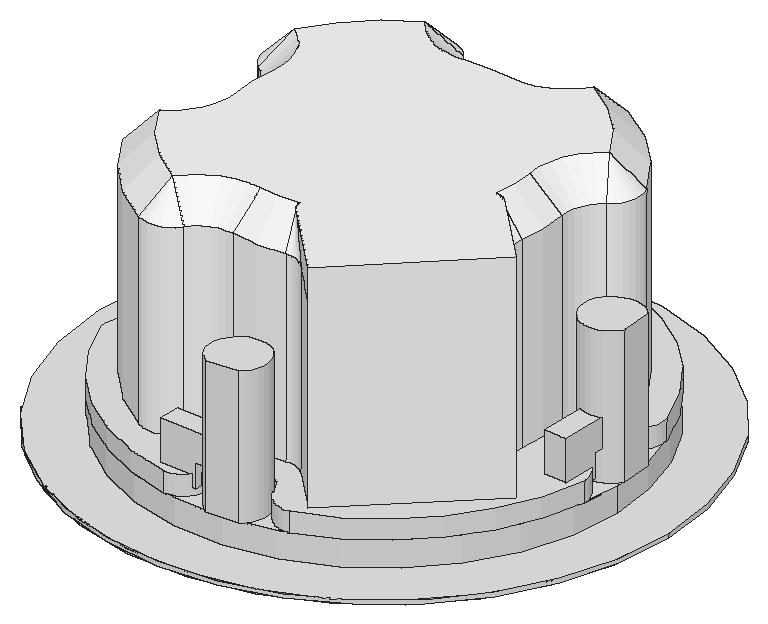
Revit family "CVS4 Micro", category Communication Devices, Revit 2020 (continued)
Definition of nested family "CVS4 Micro - base2"
  Definition of nested family "CVS4 Micro - base1 - Black"
    Automatic sketch dimensions
      plane 1 "Center (Front/Back)" to Extrusion 8 sketch curve = 34.209 mm
      Extrusion 8 sketch curve to Extrusion 8 sketch curve = 14.685 mm
      Extrusion 8 sketch curve to Extrusion 8 sketch curve = 3.147 mm
      Extrusion 8 sketch curve to Extrusion 8 sketch curve = 6.281 mm
      Extrusion 8 sketch curve to Extrusion 8 sketch curve = 5.349 mm
      Extrusion 8 sketch curve to Extrusion 8 sketch curve = 14.848 mm
      Extrusion 8 sketch curve to Extrusion 8 sketch curve = 21.417 mm
      plane 1 "Center (Front/Back)" to Extrusion 8 sketch curve = 11.519 mm
      plane 1 "Center (Front/Back)" to Extrusion 8 sketch curve = 0.388 mm
      plane 1 "Center (Front/Back)" to Extrusion 8 sketch curve = 0.105 mm
      Extrusion 8 sketch curve to plane 1 "Center (Front/Back)" = 0 mm
      Extrusion 8 sketch curve to plane 1 "Center (Front/Back)" = 0.188 mm
      Extrusion 8 sketch curve to plane 1 "Center (Front/Back)" = 11.301 mm
      Extrusion 8 sketch curve to Extrusion 8 sketch curve = 26.203 mm
      Extrusion 8 sketch curve to Extrusion 8 sketch curve = 20.579 mm
      Extrusion 8 sketch curve to Extrusion 8 sketch curve = 20.563 mm
      Extrusion 8 sketch curve to Extrusion 8 sketch curve = 27.06 mm
      Extrusion 8 sketch curve to Extrusion 8 sketch curve = 27.662 mm
      Extrusion 8 sketch curve to Extrusion 8 sketch curve = 14.234 mm
      Extrusion 8 sketch curve to Extrusion 8 sketch curve = 0.125 mm
      Extrusion 8 sketch curve to Extrusion 8 sketch curve = 9.776 mm
      Extrusion 8 sketch curve to Extrusion 8 sketch curve = 0 mm  (x13)
      Extrusion 8 sketch curve to Extrusion 8 sketch curve = 9.692 mm
      Extrusion 8 sketch curve to Extrusion 8 sketch curve = 6.264 mm
      plane 1 "Center (Front/Back)" to Extrusion 8 sketch curve = 9.1 mm
      Extrusion 8 sketch curve to Extrusion 8 sketch curve = 4.94 mm
      Extrusion 8 sketch curve to Extrusion 8 sketch curve = 8.981 mm
      plane 3 "Center (Left/Right)" to Extrusion 8 sketch curve = 9.1 mm
      Extrusion 8 sketch curve to plane 1 "Center (Front/Back)" = 9.147 mm
      plane 1 "Center (Front/Back)" to Blend 9 sketch curve = 9.341 mm
      Blend 9 sketch curve to plane 3 "Center (Left/Right)" = 74.358 mm
      Blend 9 sketch curve to Blend 9 sketch curve = 1.22 mm
      Blend 9 sketch curve to Blend 9 sketch curve = 14.836 mm
      Blend 9 sketch curve to Blend 9 sketch curve = 14.213 mm
      Blend 9 sketch curve to plane 3 "Center (Left/Right)" = 31.865 mm
      Blend 9 sketch curve to plane 3 "Center (Left/Right)" = 31.864 mm
      Blend 9 sketch curve to plane 3 "Center (Left/Right)" = 11.271 mm
      Blend 9 sketch curve to plane 3 "Center (Left/Right)" = 11.026 mm
      plane 1 "Center (Front/Back)" to Blend 9 sketch curve = 0.245 mm
      Blend 9 sketch curve to plane 3 "Center (Left/Right)" = 1.586 mm
      Blend 9 sketch curve to plane 3 "Center (Left/Right)" = 0.188 mm
      Blend 9 sketch curve to plane 3 "Center (Left/Right)" = 0.106 mm
      plane 3 "Center (Left/Right)" to Blend 9 sketch curve = 0 mm  (x3)
      plane 3 "Center (Left/Right)" to Blend 9 sketch curve = 0.659 mm
      Blend 9 sketch curve to plane 1 "Center (Front/Back)" = 0.069 mm
      plane 3 "Center (Left/Right)" to Blend 9 sketch curve = 2.149 mm
      plane 3 "Center (Left/Right)" to Blend 9 sketch curve = 9.887 mm  (x2)
      plane 3 "Center (Left/Right)" to Blend 9 sketch curve = 11.72 mm
      Blend 9 sketch curve to Blend 9 sketch curve = 6.656 mm
      Blend 9 sketch curve to Blend 9 sketch curve = 20.871 mm  (x2)
      Blend 9 sketch curve to Blend 9 sketch curve = 14.601 mm
      Blend 9 sketch curve to Blend 9 sketch curve = 28.181 mm
      plane 1 "Center (Front/Back)" to Blend 9 sketch curve = 19.249 mm
      Blend 9 sketch curve to Blend 9 sketch curve = 2.873 mm
      Blend 9 sketch curve to Blend 9 sketch curve = 9.921 mm
      Blend 9 sketch curve to plane 1 "Center (Front/Back)" = 11.281 mm  (x2)
      Blend 9 sketch curve to Blend 9 sketch curve = 1.401 mm
      plane 1 "Center (Front/Back)" to Blend 9 sketch curve = 34.209 mm  (x2)
      Blend 9 sketch curve to Blend 9 sketch curve = 14.685 mm
      plane 1 "Center (Front/Back)" to Blend 9 sketch curve = 58.931 mm
      Blend 9 sketch curve to Blend 9 sketch curve = 3.147 mm
      Blend 9 sketch curve to Blend 9 sketch curve = 6.281 mm
      Blend 9 sketch curve to Blend 9 sketch curve = 5.349 mm
      Blend 9 sketch curve to Blend 9 sketch curve = 14.848 mm
      Blend 9 sketch curve to Blend 9 sketch curve = 21.417 mm
      plane 1 "Center (Front/Back)" to Blend 9 sketch curve = 11.519 mm
      plane 1 "Center (Front/Back)" to Blend 9 sketch curve = 0.388 mm
      plane 1 "Center (Front/Back)" to Blend 9 sketch curve = 0.105 mm
      Blend 9 sketch curve to plane 1 "Center (Front/Back)" = 0 mm  (x3)
      Blend 9 sketch curve to plane 1 "Center (Front/Back)" = 0.188 mm
      Blend 9 sketch curve to plane 1 "Center (Front/Back)" = 11.301 mm
      Blend 9 sketch curve to Blend 9 sketch curve = 26.203 mm
      Blend 9 sketch curve to Blend 9 sketch curve = 20.579 mm  (x3)
      Blend 9 sketch curve to Blend 9 sketch curve = 20.563 mm
      Blend 9 sketch curve to Blend 9 sketch curve = 27.06 mm
      Blend 9 sketch curve to Blend 9 sketch curve = 27.662 mm
      Blend 9 sketch curve to Blend 9 sketch curve = 14.234 mm
      Blend 9 sketch curve to Blend 9 sketch curve = 0.125 mm
      Blend 9 sketch curve to Blend 9 sketch curve = 9.776 mm
      Blend 9 sketch curve to Blend 9 sketch curve = 0 mm  (x19)
      Blend 9 sketch curve to Blend 9 sketch curve = 9.692 mm
      plane 1 "Center (Front/Back)" to Blend 9 sketch curve = 9.1 mm
      Blend 9 sketch curve to Blend 9 sketch curve = 4.94 mm
      plane 3 "Center (Left/Right)" to Blend 9 sketch curve = 9.1 mm
      Blend 9 sketch curve to plane 1 "Center (Front/Back)" = 9.147 mm
      plane 1 "Center (Front/Back)" to Blend 9 sketch curve = 9.887 mm
      Blend 9 sketch curve to plane 3 "Center (Left/Right)" = 73.284 mm
      Blend 9 sketch curve to Blend 9 sketch curve = 0.239 mm
      Blend 9 sketch curve to plane 3 "Center (Left/Right)" = 11.281 mm  (x2)
      plane 1 "Center (Front/Back)" to Blend 9 sketch curve = 0.003 mm
      Blend 9 sketch curve to plane 3 "Center (Left/Right)" = 0.645 mm
      plane 1 "Center (Front/Back)" to Blend 9 sketch curve = 0.007 mm
      Blend 9 sketch curve to plane 3 "Center (Left/Right)" = 0.044 mm
      Blend 9 sketch curve to plane 3 "Center (Left/Right)" = 0 mm  (x3)
      plane 3 "Center (Left/Right)" to Blend 9 sketch curve = 1.076 mm
      plane 3 "Center (Left/Right)" to Blend 9 sketch curve = 12.009 mm
      plane 3 "Center (Left/Right)" to Blend 9 sketch curve = 32.977 mm
      plane 1 "Center (Front/Back)" to Blend 9 sketch curve = 13.415 mm
      plane 3 "Center (Left/Right)" to Blend 9 sketch curve = 48.128 mm
      plane 1 "Center (Front/Back)" to Blend 9 sketch curve = 9.231 mm
      Blend 9 sketch curve to Blend 9 sketch curve = 3.852 mm
      Blend 9 sketch curve to Blend 9 sketch curve = 21.155 mm
      Blend 9 sketch curve to Blend 9 sketch curve = 24.518 mm
      plane 1 "Center (Front/Back)" to Blend 9 sketch curve = 48.462 mm
      Blend 9 sketch curve to Blend 9 sketch curve = 24.673 mm
      Blend 9 sketch curve to Blend 9 sketch curve = 28.465 mm
      Blend 9 sketch curve to plane 1 "Center (Front/Back)" = 1.096 mm
      Blend 9 sketch curve to plane 1 "Center (Front/Back)" = 11.32 mm
      Blend 9 sketch curve to Blend 9 sketch curve = 72.038 mm
      Blend 9 sketch curve to Blend 9 sketch curve = 0.149 mm
      Blend 9 sketch curve to Blend 9 sketch curve = 13.761 mm
      Blend 9 sketch curve to Blend 9 sketch curve = 14.105 mm
      Blend 9 sketch curve to plane 1 "Center (Front/Back)" = 7.47 mm
      plane 1 "Center (Front/Back)" to Blend 9 sketch curve = 7.852 mm
      Blend 9 sketch curve to Blend 9 sketch curve = 4.994 mm
      plane 3 "Center (Left/Right)" to Blend 9 sketch curve = 7.852 mm
      Blend 9 sketch curve to Blend 9 sketch curve = 1.432 mm
      Blend 9 sketch curve to Blend 9 sketch curve = 3.592 mm
      Split face 1 sketch curve to cut or joined group of Extrusion 8, Blend 9 = 5 mm
      Split face 1 sketch curve to cut or joined group of Extrusion 8, Blend 9 = 35 mm
      Split face 1 sketch curve to Split face 1 sketch curve = 26.519 mm
      Split face 1 sketch curve to Split face 1 sketch curve = 4.006 mm  (x2)
      Split face 1 sketch curve to Split face 1 sketch curve = 40.856 mm
      Split face 1 sketch curve to Split face 1 sketch curve = 2.993 mm
      Split face 1 sketch curve to Split face 1 sketch curve = 0.93 mm
      Split face 1 sketch curve to Split face 1 sketch curve = 3.22 mm
      Split face 1 sketch curve to Split face 1 sketch curve = 0.797 mm
      cut or joined group of Extrusion 8, Blend 9 to Split face 2 sketch curve = 34.35 mm
      Split face 2 sketch curve to cut or joined group of Extrusion 8, Blend 9 = 29.869 mm
      Extrusion 7 sketch curve to Extrusion 7 sketch curve = 13.019 mm
      Extrusion 7 sketch curve to Extrusion 7 sketch curve = 12.981 mm
      Extrusion 12 sketch curve to Extrusion 12 sketch curve = 13.019 mm
      Extrusion 12 sketch curve to Extrusion 12 sketch curve = 12.981 mm
      Extrusion 14 sketch curve to Extrusion 14 sketch curve = 13.019 mm
      Extrusion 14 sketch curve to Extrusion 14 sketch curve = 12.981 mm
      Extrusion 16 sketch curve to Extrusion 16 sketch curve = 13.019 mm
      Extrusion 16 sketch curve to Extrusion 16 sketch curve = 12.981 mm
      radius of curve 1 = 19.106 mm
      radius of curve 2 = 10.233 mm
      radius of curve 3 = 35.95 mm
      radius of curve 4 = 51 mm
      radius of curve 5 = 62.358 mm
      radius of curve 10 = 8.5 mm
      radius of Extrusion 3 sketch curve = 83 mm
      radius of Extrusion 1 sketch curve = 106.5 mm
      radius of Blend 2 sketch curve = 106.5 mm
      radius of Blend 2 sketch curve = 85.617 mm
      radius of Extrusion 5 sketch curve = 87.221 mm
      radius of Split face 2 sketch curve = 11 mm
